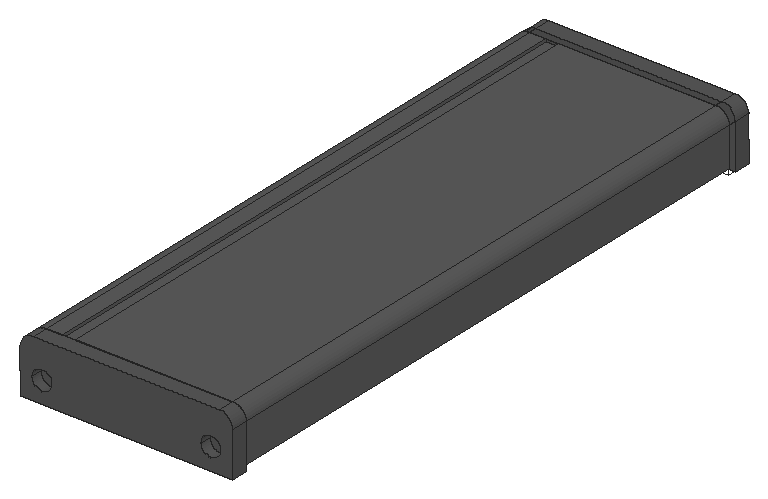
Revit family "JC KONTAKTER JCK277 DE", category Specialty Equipment, host Face, Revit 2025
Family settings
  Host = Face
  Round Connector Dimension = Use Diameter
  Part Type = Normal
  Enable Cutting in Views = Yes
  Cut with Voids When Loaded = No
  Maintain Annotation Orientation = Yes
  Shared = No
  Room Calculation Point = No
Parameters (values of type "JCK277")
  URL = "https://grossflaechentaster.de/produkt/grossflachentaster-metall/grossflachentaster-jck277/"
  Technisches Produktblatt = "https://grossflaechentaster.de/wp-content/uploads/sites/3/Technisches-Produktdatenblatt-_JCK277_DE.pdf"
  Produktgewicht = "0.310 kg."
  Nomineller nennstrom = "12 V Resistiv 6A Induktiv L/R 5 ms 6A, 24 V Resistiv 6A Induktiv L/R 5 ms 5A"
  Model = "JCK277"
  Mikroschalter = "Standard NO IP67"
  Manufacturer = "JC kontakter"
  Linse = Acryl
  Kern = Aluminum 6060-T6
  Herstellungsland = "Schweden"
  Geringster nennstrom = "1mA/4 V DC"
  Endkappen = POM Tenac C 4520
  Description = "JCK277 ist ein modernes Modell, ausgestattet mit einem führenden LED-Licht (blau). Das Modell verfügt außerdem über eine versenkte taktile Rille, um die Nutzung für Sehbehinderte zu erleichtern. Hergestellt aus schwarzeloxiertem Aluminium mit schwarzen Endkappen."
  Default Elevation = 800 mm
  Deckel = Aluminum 6060-T6 (Schwarz)
  CE-kennzeichnung = "https://jckontakter.se/wp-content/uploads/CE_Dokument.pdf"
  Anzahl der mikroschalter = 2
Reference planes
  plane 1 "Center (Front/Back)": y = 0
  plane 2: z = 0
  plane 3 "Center (Left/Right)": x = 0
  plane 4 "A": y = -122.5
Lines and regions (mm)
  symbolic lines
    curve 1: line (-50, 0, 50) -> (50, 0, 50)
    curve 2: line (-50, 0, 0) -> (-50, 0, 50)
    curve 3: line (50, 0, 0) -> (-50, 0, 0)
    curve 4: line (50, 0, 50) -> (50, 0, 0)
    curve 5: line (-40, 122.5, 0) -> (40, 122.5, 0)
    curve 6: line (-40, -122.5, 0) -> (-40, 122.5, 0)
    curve 7: line (40, -122.5, 0) -> (-40, -122.5, 0)
    curve 8: line (40, 122.5, 0) -> (40, -122.5, 0)
Text (mm)
  text "Entfernen Sie diesen Text vor der Verwendung.\n\nPlatzierungsanweisungen:\n\n1. In das Projekt laden.\n2. Bewegen Sie den Mauszeiger über die Fläche, auf der die Familie platziert werden soll.\n3. Wenn die Familie gedreht angezeigt wird, aktivieren Sie die Option „Nach Platzierung drehen.\n4. Klicken Sie auf die gewünschte Fläche.\n5. Geben Sie den gewünschten Winkel ein.\n6. Drücken Sie die Eingabetaste." at (123.173, 1072.34, 0), in view "Ref. Level"
Dimensions and locks
  aligned and locked: plane 2 to host face
  aligned and locked: level to host face
Nested families
  nested 1: "AK_277" at (0, -122.5, 0) x (1, 0, 0) z (0, 1, 0), type "AK_277"
Definition of nested family "AK_277"
  Parameters (values of type "AK_277")
    Lens Finish = none
    Default Elevation = 1219.2 mm
    Core Finish = none
    URL = "https://jckontakter.se/produkt/armbagskontakter-metall/armbagskontakt-jck277-led-ljus-jckontakter/"
    Model = "JCK277"  # constant formula
    Manufacturer = "JC Kontakter"  # constant formula
    Lid Finish = none
    End Cap Finish = none
    Description = "JCK277 är en modern modell utrustad med vägledande LED-ljus(blå). Modellen har även en nedsänkt taktil rilla för att underlätta användande för synnedsatta. Tillverkad i svarteloxerad aluminium med svarta endcaps."  # constant formula
  Reference planes
    plane 1 "Center (Front/Back)": y = 0
    plane 2: z = 0
    plane 3 "Center (Left/Right)": x = 0
    plane 4 "1": x = 40
    plane 5 "A": z = 6
    plane 6 "B": z = 233
  Forms (mm)
    Extrusion 1, solid, material <- "Core Finish", detail levels medium+fine
      sketch origin (40, 0, 6) x (1, 0, 0) y (0, 1, 0)
        loop
          line (-80, 0) -> (-80, -1.2) -> (-75, -1.2) -> (-75, -8.75) -> (-73.2, -8.75) -> (-73.2, -1.2) -> (-11.2, -1.2) -> (-11.2, -8.75) -> (-2.249, -8.75)
          arc (-2.249, -8.75) -> (-3.331, -3.54) -> (-8.11, -1.2) r 6.05
          line (-8.11, -1.2) -> (-5.54, -1.2) -> (-5.54, 0) -> (-80, 0)
      from 0 to 227
    Extrusion 2, solid, material <- "Lid Finish", detail levels medium+fine
      sketch origin (-40, 0, 6) x (-1, 0, 0) y (0, -1, 0)
        loop
          line (-3.92, 11.41) -> (-0.92, 6.4) -> (0, 6.4) -> (0, 16.83)
          arc (0, 16.83) -> (-1.464, 20.366) -> (-5, 21.83) r 5
          line (-5, 21.83) -> (-11, 21.83) -> (-11, 20.83) -> (-16, 20.83) -> (-16, 21.83) -> (-75, 21.83)
          arc (-75, 21.83) -> (-78.536, 20.366) -> (-80, 16.83) r 5
          line (-80, 16.83) -> (-80, 2.38) -> (-78.4, 2.38) -> (-78.4, 11.41) -> (-3.92, 11.41)
      from 0 to 227
    Extrusion 3, solid, material <- "End Cap Finish", detail levels medium+fine
      sketch origin (-40, 0, 0) x (1, 0, 0) y (0, 1, 0)
        loop
          arc (0, -16.83) -> (1.464, -20.366) -> (5, -21.83) r 5
          line (5, -21.83) -> (75, -21.83)
          arc (75, -21.83) -> (78.536, -20.366) -> (80, -16.83) r 5
          line (80, -16.83) -> (80, 0) -> (0, 0) -> (0, -16.83)
      from 0 to 6
    Extrusion 4, void
      sketch origin (0, 0, 0) x (1, 0, 0) y (0, 1, 0)
        loop
          circle (-31.75, -8.25) r 3.75
        loop
          circle (31.75, -8.25) r 3.75
      from 0 to 4
    Extrusion 5, solid, material <- "End Cap Finish", detail levels medium+fine
      sketch origin (0, 0, 233) x (-1, 0, 0) y (0, -1, 0)
        loop
          arc (40, 16.83) -> (38.536, 20.366) -> (35, 21.83) r 5
          line (35, 21.83) -> (-35, 21.83)
          arc (-35, 21.83) -> (-38.536, 20.366) -> (-40, 16.83) r 5
          line (-40, 16.83) -> (-40, 0) -> (40, 0) -> (40, 16.83)
      from 3 to 9
    Extrusion 6, void
      sketch origin (0, 0, 233) x (-1, 0, 0) y (0, -1, 0)
        loop
          circle (31.75, 8.25) r 3.75
        loop
          circle (-31.75, 8.25) r 3.75
      from 6 to 9
    Extrusion 7, solid, material <- "Lens Finish", detail levels medium+fine
      sketch origin (0, 0, 233) x (-1, 0, 0) y (0, -1, 0)
        loop
          line (40, 0) -> (40, 16.83)
          arc (40, 16.83) -> (38.536, 20.366) -> (35, 21.83) r 5
          line (35, 21.83) -> (-35, 21.83)
          arc (-35, 21.83) -> (-38.536, 20.366) -> (-40, 16.83) r 5
          line (-40, 16.83) -> (-40, 0) -> (40, 0)
      from 0 to 3
  Cuts and joins
    Extrusion 4, Extrusion 6 cuts Extrusion 3
    Extrusion 6 cuts Extrusion 5
  Dimensions and locks
    aligned and locked: level to plane 2
